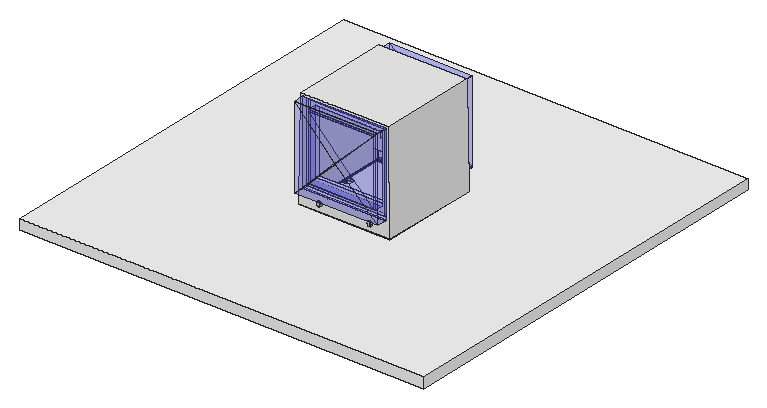
Revit family "BE_50063.1_de_DE", category Leuchten, Revit 2015
Parameters (values of type "BEGA_50063.1_K4")
  built-in parameter 1150104 = 16.992 (stored number, unit not read)
  Wattage = 7.6 W
  Default Elevation = 0 mm
  built-in parameter 1150113 = 1 (stored number, unit not read)
  built-in parameter 1114218 = 1 (stored number, unit not read)
  Umgebungstemperatur = ""
  URL = "http://www.bega.de/produkt/50063.1"
  Typenkommentare = "© 2017 BEGA. Wir behalten uns das Recht vor, technische Änderungen ohne vorherige Ankündigung vorzunehmen."  # constant formula
  built-in parameter 1150134 = 12
  built-in parameter 1150109 = 1 (stored number, unit not read)
  Strom = ""
  built-in parameter 1150110 = 1 (stored number, unit not read)
  Spannung = 239.996 V
  Sonderanfertigung = no
  Seriennummer [instance] = "Hier können Sie die eindeutige Seriennummer für das Facility Management eintragen."
  Schutzklasse = "I"
  Schutzart = ""
  Scheinlast = 0 VA
  Produktdatenblatt = "http://www.bega.de/download/Xrfa/db/50063.1.db.de.pdf"
  Oberflächentemperatur = ""
  Neigungswinkel = 0.00°
  Modell = "50063.1K4"
  Material_17 = BEGA_Reflektor
  Material_15 = BEGA_Leuchtmedium_matt
  Material_11 = BEGA_Glas_opal
  Material_09 = BEGA_Glas_klar
  Material_08 = BEGA_Oberfläche_Stahl_verzinkt
  Material_06 = BEGA_Oberfläche_Edelstahl_gebürstet
  Material_05 = BEGA_Oberfläche_Aluminium Guss
  Material_03 = BEGA_Oberfläche_Weiss_matt
  Material_02 = BEGA_Oberfläche_Silber_matt
  Material_01 [instance] = BEGA_Oberfläche_Grafit_matt
  M_W = no
  M_G = no
  M_A = no
  Logo = 0
  built-in parameter 1114217 = 1 (stored number, unit not read)
  built-in parameter 1150139 = (empty or 0)
  built-in parameter 1150105 = 110.62 (stored number, unit not read)
  built-in parameter 1150114 = 1 (stored number, unit not read)
  Lumens = 1390.04 lm
  built-in parameter 1150115 = 1 (stored number, unit not read)
  Leuchtenlichtstrom = "566 lm"
  Leuchtenanzahl = ""
  Lebensdauerkriterien = "L70B50 @ 25 °C = 500000 h"
  Lastklassifizierung = Beleuchtung
  built-in parameter 1150112 = 1 (stored number, unit not read)
  Lampenlichtstrom = "1390 lm"
  Lampe = "LED 7.6 W"
  LED_Modulbezeichnung = "2x LED-0276/840 "
  Hersteller = "BEGA"  # constant formula
  Halbstreuwinkel = ""
  Gewicht = "1.0 kg"
  Gebrauchslageneinschränkung [instance] = ""
  Frequenz = "0/50-60 Hz"
  Farbwiedergabeindex = "Ra > 80"
  Farbtemperaturverschiebung bei Dämpfen der Lampe = <Keine Auswahl>
  Farbtemperatur = "4000 K"
  Color Filter = 16777215
  built-in parameter 1150133 = 10 (stored number, unit not read)
  Energieeffizienzklasse = "LED A++ - A"
  built-in parameter 1150137 = (empty or 0)
  built-in parameter 1150132 = (empty or 0)
  ENEC = ""
  Dimmbar [instance] = ""
  Datei für fotometrisches Netz = "BE_50063K4.IES"
  CE_Konformität = "ja"
  Bestellnummer = "50063.1K4"
  Beschreibung_Sonderanfertigung = "Hier können Sie Informationen zur Sonderanfertigung eintragen."
  Beschreibung = "Wandleuchte"
  built-in parameter 1150106 = 1.1062 (stored number, unit not read)
  Befestigungsbohrung = "Ø 4,5 mm"
  Befestigungsabstand = "65 mm"
  Ballwurfsicher = ""
  BEGA_Intern_aus = yes
  BEGA_Intern_an = yes
  BEGA_Intern_Konstruktion = yes
  BEGA_Intern = yes
  BEGA_IES = yes
  BEGA_Dummy = no
  Anschlussleitung = ""
  Anschlussleistung [instance] = "9.5 W"
  Anschlusskasten = ""
  built-in parameter 1150107 = 4000 (stored number, unit not read)
  built-in parameter 1150102 = (empty or 0)
  built-in parameter 1150138 = (empty or 0)
  Aktualisierung = "2017-06-21T04:08:37"
  Abstand_zur_angestrahlten_Fläche [instance] = ""
  AC/DC = "AC/DC"
Types (2, lengths in mm): name | built-in parameter 1150104 | built-in parameter 1150134 | Modell | built-in parameter 1150105 | Lumens | Leuchtenlichtstrom | Lampenlichtstrom | LED_Modulbezeichnung | Farbtemperatur | Datei für fotometrisches Netz | Bestellnummer | built-in parameter 1150106 | built-in parameter 1150107
  BEGA_50063.1_K3 | 16.258 (stored number, unit not read) | (empty or 0) | "50063.1" | 105.84 (stored number, unit not read) | 1330 lm | "542 lm" | "1330 lm" | "2x LED-0276/830 " | "3000 K" | "BE_50063.IES" | "50063.1" | 1.0584 (stored number, unit not read) | 3000 (stored number, unit not read)
  BEGA_50063.1_K4 | 16.992 (stored number, unit not read) | 12 | "50063.1K4" | 110.62 (stored number, unit not read) | 1390.04 lm | "566 lm" | "1390 lm" | "2x LED-0276/840 " | "4000 K" | "BE_50063K4.IES" | "50063.1K4" | 1.1062 (stored number, unit not read) | 4000 (stored number, unit not read)
Reference planes
  plane 1 "Mitte (Vorne/Hinten)": y = 0
  plane 2: z = 0
  plane 3 "Mitte (Links/Rechts)": x = 0
  plane 4 "Links": x = -45
  plane 5 "Rechts": x = 45
  plane 6 "Unten": y = -59.933
  plane 7 "Oben": y = 59.933
  plane 8 "Vorne": z = 100
  plane 9 "Hinten": z = 0
Forms (mm)
  Extrusion 1, solid, material "BEGA_Platte_Weiss"
    sketch origin (0, -1119.2, 0) x (1, 0, 0) y (0, 1, 0)
      loop
        line (-200, 1319.2) -> (-200, 919.2) -> (200, 919.2) -> (200, 1319.2) -> (-200, 1319.2)
    from 0 to -10
  Extrusion 2, solid, material "BEGA_Dummy_matt", visible <- "BEGA_Dummy"
    sketch origin (80.095, -76.023, 0) x (1, 0, 0) y (0, 1, 0)
      loop
        line (-125.095, 135.956) -> (-125.095, 16.091) -> (-35.095, 16.091) -> (-35.095, 135.956) -> (-125.095, 135.956)
    from 0 to 100
Dimensions and locks
  plane 1 "Mitte (Vorne/Hinten)" to Extrusion 1 = 200 mm
  aligned and locked: plane 2 to Extrusion 1
  aligned and locked: level to Extrusion 1
Nested families
  nested 1: "BE_50063.1" at (0, 0, 0), type "BE_50063.1"
Connectors
  electrical at (0, 0, 0), driven by "Lastklassifizierung", driven by "Spannung", driven by "Scheinlast"
    settings: index 1, voltage 239.996 V, apparent load 0 VA, apparent load phase1 0 VA, apparent load phase2 0 VA, apparent load phase3 0 VA, power factor 1, load classification "Beleuchtung", number of poles 1, system type 31, power factor state 1, is connector primary yes, connector utility no, sub classification motor no, connector description ""
Definition of nested family "BE_50063.1"
  Parameters (values of type "BE_50063.1")
    Default Elevation = 1 mm
    URL = "http://www.bega.de/de/produkt"
    Type Comments = "© 2015 BEGA. Wir behalten uns das Recht vor, technische Änderungen ohne vorherige Ankündigung vorzunehmen. "  # constant formula
    Type Image = (empty or 0)
    Neigungswinkel_um_Z2 = 0.00°
    Neigungswinkel_um_Z1 = 0.00°
    Neigungswinkel_um_Y2 = 0.00°
    Neigungswinkel_um_Y1 = 0.00°
    Neigungswinkel_um_X2 = 0.00°
    Neigungswinkel_um_X1 = 0.00°
    Material_17 = none
    Material_15 = none
    Material_11 = none
    Material_09 = none
    Material_08 = none
    Material_06 = none
    Material_05 = none
    Material_03 = none
    Material_02 = none
    Material_01 = none
    M_W = yes
    M_G = yes
    M_A = yes
    Länge_Platte = 200 mm  # constant formula
    Höhe_Platte = -10 mm  # constant formula
    Manufacturer = "BEGA"  # constant formula
    Drehwinkel_um_Z2 = 0.00°
    Drehwinkel_um_Z1 = 0.00°
    Breite_Platte = 200 mm  # constant formula
  Reference planes
    plane 1 "Mitte (Oben/Unten)": y = 0
    plane 2: z = 0
    plane 3 "Mitte (Links/Rechts)": x = 0
    plane 4: x = -45
    plane 5: z = 100
    plane 6: x = 45
    plane 7: y = 59.933
    plane 8: y = -59.933
  Forms (mm)
    Extrusion 1, solid, detail levels medium
      sketch origin (0, 0, 0) x (1, 0, 0) y (0, 1, 0)
        loop
          line (-100, 100) -> (-100, -100) -> (100, -100) -> (100, 100) -> (-100, 100)
      from 0 to -10 <- "Höhe_Platte"
    Extrusion 2, solid, material <- "Material_03", detail levels medium+fine
      sketch origin (0, 0, 0) x (0, 1, 0) y (0, 0, 1)
        loop
          line (48.25, 1) -> (48.25, 100) -> (-48.25, 100) -> (-48.25, 1) -> (-45.046, 1) -> (-45.046, 14) -> (-38.126, 14) -> (-38.126, 93) -> (38.126, 93) -> (38.126, 14) -> (45.046, 14) -> (45.046, 1) -> (48.25, 1)
      from -46.262 to 45.91
    Extrusion 3, solid, material <- "Material_03", detail levels medium+fine
      sketch origin (0, 0, 0) x (1, 0, 0) y (0, 0, 1)
        loop
          line (-46.262, 100) -> (-46.262, 1) -> (-41.809, 1) -> (-41.809, 100) -> (-46.262, 100)
        loop
          line (46.262, 100) -> (41.809, 100) -> (41.809, 1) -> (46.262, 1) -> (46.262, 100)
      from -48.25 to 48.25
    Extrusion 4, void
      sketch origin (0, 0, 0) x (1, 0, 0) y (0, 0, 1)
        loop
          line (-43.257, 100.874) -> (-46.262, 100.874) -> (-46.262, 0.652) -> (-45.006, 0.652) -> (-43.257, 100.874)
        loop
          line (43.257, 100.874) -> (45.006, 0.652) -> (46.262, 0.652) -> (46.262, 100.874) -> (43.257, 100.874)
      from -54.367 to 54.729
    Extrusion 5, void
      sketch origin (0, 0, 0) x (0, 1, 0) y (0, 0, 1)
        loop
          line (43.483, 89.749) -> (-43.906, 89.749) -> (-43.906, 25.491) -> (43.483, 25.491) -> (43.483, 89.749)
      from -33.322 to 33.208
    Extrusion 6, void
      sketch origin (0, 0, 0) x (0, 1, 0) y (0, 0, 1)
        loop
          line (48.25, 98.063) -> (42.45, 98.063) -> (42.45, 15.433) -> (48.25, 15.433) -> (48.25, 98.063)
        loop
          line (-48.25, 98.063) -> (-48.25, 15.433) -> (-42.45, 15.433) -> (-42.45, 98.063) -> (-48.25, 98.063)
      from -41.25 to 41.313
    Sweep 7, solid, material <- "Material_11", detail levels medium+fine
      path origin (0, 0, 0) x (1, 0, 0) y (0, 0, 1)
        loop
          line (41.25, 97.933) -> (-41.25, 97.933) -> (-41.25, 15.433) -> (41.25, 15.433) -> (41.25, 97.933)
      profile origin (0, 0, 97.933) x (0, 0, -1) y (0, -1, 0)
        loop
          line (-0.067, -46.95) -> (0.352, -58.947)
          arc (0.352, -58.947) -> (20.761, -59.689) -> (41.183, -59.933) r 836.627
          line (41.183, -59.933) -> (41.183, -53.463)
          arc (41.183, -53.463) -> (25.118, -52.991) -> (9.076, -52.023) r 520.56
          arc (9.076, -52.023) -> (8.43, -51.718) -> (8.152, -51.06) r 1
          line (8.152, -51.06) -> (7.851, -42.45) -> (2.738, -42.45) -> (2.581, -46.95) -> (-0.067, -46.95)
    Sweep 8, solid, material <- "Material_11", detail levels medium+fine
      path origin (0, 0, 0) x (1, 0, 0) y (0, 0, -1)
        loop
          line (41.25, -97.933) -> (41.25, -15.433) -> (-41.25, -15.433) -> (-41.25, -97.933) -> (41.25, -97.933)
      profile origin (0, 0, 97.933) x (0, 0, 1) y (0, 1, 0)
        loop
          line (0.067, -46.95) -> (-2.581, -46.95) -> (-2.738, -42.45) -> (-7.851, -42.45) -> (-8.152, -51.06)
          arc (-8.152, -51.06) -> (-8.43, -51.718) -> (-9.076, -52.023) r 1
          arc (-9.076, -52.023) -> (-25.118, -52.991) -> (-41.183, -53.463) r 520.56
          line (-41.183, -53.463) -> (-41.183, -59.933)
          arc (-41.183, -59.933) -> (-20.761, -59.689) -> (-0.352, -58.947) r 836.627
          line (-0.352, -58.947) -> (0.067, -46.95)
    Sweep 9, solid, material <- "Material_03", detail levels medium+fine
      path origin (0, 0, 0) x (1, 0, 0) y (0, 1, 0)
        loop
          line (45, 48.25) -> (-45, 48.25) -> (-45, -48.25) -> (45, -48.25) -> (45, 48.25)
      profile origin (0, 48.25, 0) x (0, -1, 0) y (0, 0, 1)
        loop
          line (0.75, 0) -> (5, 0)
          arc (5, 0) -> (6.061, 0.439) -> (6.5, 1.5) r 1.5
          line (6.5, 1.5) -> (6.5, 2.5)
          arc (6.5, 2.5) -> (6.646, 2.854) -> (7, 3) r 0.5
          line (7, 3) -> (35.781, 3) -> (35.781, 4) -> (7, 4)
          arc (7, 4) -> (5.939, 3.561) -> (5.5, 2.5) r 1.5
          line (5.5, 2.5) -> (5.5, 1.5)
          arc (5.5, 1.5) -> (5.354, 1.146) -> (5, 1) r 0.5
          line (5, 1) -> (0.75, 1) -> (0.75, 0)
    Extrusion 10, void
      sketch origin (0, 0, 0) x (1, 0, 0) y (0, 1, 0)
        loop
          circle (15, 24.6) r 8.5
        loop
          circle (-34, -1.9) r 4.25
        loop
          circle (34, -1.9) r 4.25
      from 0 to 6.683
    Extrusion 11, solid, material <- "Material_03", detail levels medium+fine
      sketch origin (0, 0, 0) x (1, 0, 0) y (0, 1, 0)
        loop
          line (-9.219, -12.469) -> (9.219, -12.469) -> (9.219, 12.469) -> (-9.219, 12.469) -> (-9.219, -12.469)
      from 3 to 4
    Revolve 12, void
      sketch origin (0, -9.199, 8) x (1, 0, 0) y (0, 1, 0)
        loop
          line (-25, -37.114) -> (-25, -39.501) -> (-22.298, -39.501) -> (-23.112, -38.09) -> (-23.112, -37.114) -> (-25, -37.114)
        axis (-25, -37.114) -> (-25, -39.501)
      angle from 0 to 360
    Revolve 13, solid, material <- "Material_06", detail levels fine
      sketch origin (-25, 0, 0) x (0, 1, 0) y (0, 0, 1)
        loop
          line (-49.15, 10) -> (-49.15, 8) -> (-45.433, 8) -> (-45.433, 10.5) -> (-46.575, 10.5) -> (-47.289, 10) -> (-49.15, 10)
        axis (-49.15, 8) -> (-45.433, 8)
      angle from 0 to 360
    Revolve 14, void
      sketch origin (0, -9.199, 8) x (-1, 0, 0) y (0, -1, 0)
        loop
          line (-25, 37.114) -> (-23.112, 37.114) -> (-23.112, 38.09) -> (-22.298, 39.501) -> (-25, 39.501) -> (-25, 37.114)
        axis (-25, 37.114) -> (-25, 39.501)
      angle from 0 to 360
    Revolve 15, solid, material <- "Material_06", detail levels fine
      sketch origin (25, 0, 0) x (0, 1, 0) y (0, 0, -1)
        loop
          line (-49.15, -10) -> (-47.289, -10) -> (-46.575, -10.5) -> (-45.433, -10.5) -> (-45.433, -8) -> (-49.15, -8) -> (-49.15, -10)
        axis (-49.15, -8) -> (-45.433, -8)
      angle from 0 to 360
  Cuts and joins
    Extrusion 4, Extrusion 5, Extrusion 6, Extrusion 10, Revolve 12, Revolve 14 cuts Extrusion 2
    Extrusion 4, Extrusion 5, Extrusion 6, Extrusion 10, Revolve 12, Revolve 14 cuts Extrusion 3
    joined: Extrusion 2, Extrusion 3
    Extrusion 10 cuts Sweep 9
    joined: Sweep 9, Extrusion 11
    Revolve 14 cuts Revolve 13
  Dimensions and locks
    equal spacing: Extrusion 1 sketch curve, plane 3 "Mitte (Links/Rechts)", Extrusion 1 sketch curve
    equal spacing: Extrusion 1 sketch curve, plane 1 "Mitte (Oben/Unten)", Extrusion 1 sketch curve
    "Länge_Platte": Extrusion 1 sketch curve to Extrusion 1 sketch curve
    "Breite_Platte": Extrusion 1 sketch curve to Extrusion 1 sketch curve
    aligned and locked: Extrusion 1 to plane 2
    aligned and locked: level to Extrusion 1
  Automatic sketch dimensions
    level to Extrusion 3 sketch curve = 1 mm  (x2)
    Extrusion 3 sketch curve to plane 3 "Mitte (Links/Rechts)" = 46.262 mm
    Extrusion 3 sketch curve to Extrusion 3 sketch curve = 4.453 mm  (x2)
    plane 3 "Mitte (Links/Rechts)" to Extrusion 3 sketch curve = 41.809 mm
    Extrusion 3 sketch curve to Extrusion 3 sketch curve = 99 mm
    Extrusion 3 sketch curve to Extrusion 3 sketch curve = 0 mm
    level to Extrusion 4 sketch curve = 0.652 mm  (x2)
    Extrusion 4 sketch curve to plane 3 "Mitte (Links/Rechts)" = 46.262 mm
    Extrusion 4 sketch curve to Extrusion 4 sketch curve = 1.256 mm  (x2)
    Extrusion 4 sketch curve to Extrusion 4 sketch curve = 3.006 mm
    plane 3 "Mitte (Links/Rechts)" to Extrusion 4 sketch curve = 43.257 mm
    plane 3 "Mitte (Links/Rechts)" to Extrusion 4 sketch curve = 45.006 mm
    Extrusion 4 sketch curve to Extrusion 4 sketch curve = 0 mm
    plane 1 "Mitte (Oben/Unten)" to Extrusion 5 sketch curve = 43.906 mm
    Extrusion 5 sketch curve to plane 1 "Mitte (Oben/Unten)" = 43.483 mm
    level to Extrusion 5 sketch curve = 25.491 mm
    Extrusion 5 sketch curve to Extrusion 5 sketch curve = 64.259 mm
    level to Extrusion 6 sketch curve = 15.433 mm  (x2)
    plane 1 "Mitte (Oben/Unten)" to Extrusion 6 sketch curve = 48.25 mm
    Extrusion 6 sketch curve to Extrusion 6 sketch curve = 5.8 mm  (x2)
    Extrusion 6 sketch curve to plane 1 "Mitte (Oben/Unten)" = 42.45 mm
    Extrusion 6 sketch curve to Extrusion 6 sketch curve = 82.63 mm  (x2)
    Sweep 7 sketch curve to plane 3 "Mitte (Links/Rechts)" = 41.25 mm
    level to Sweep 7 sketch curve = 15.433 mm
    plane 3 "Mitte (Links/Rechts)" to Sweep 7 sketch curve = 41.25 mm
    Sweep 7 sketch curve to Sweep 7 sketch curve = 82.5 mm
    profile plane to Sweep 7 sketch curve = 0.067 mm
    Sweep 7 sketch curve to profile plane = 0.352 mm
    Sweep 7 sketch curve to profile plane = 2.581 mm
    Sweep 7 sketch curve to profile plane = 2.738 mm
    Sweep 7 sketch curve to Sweep 7 sketch curve = 5.113 mm
    Sweep 7 sketch curve to Sweep 7 sketch curve = 5.571 mm
    Sweep 7 sketch curve to Sweep 7 sketch curve = 0.999 mm
    Sweep 7 sketch curve to profile plane = 40.953 mm
    Sweep 7 sketch curve to Sweep 7 sketch curve = 32.032 mm
    Sweep 7 sketch curve to profile plane = 48.45 mm
    Sweep 7 sketch curve to plane 1 "Mitte (Oben/Unten)" = 59.933 mm
    Sweep 7 sketch curve to Sweep 7 sketch curve = 0.986 mm
    Sweep 7 sketch curve to Sweep 7 sketch curve = 6.469 mm
    Sweep 7 sketch curve to Sweep 7 sketch curve = 7.886 mm
    Sweep 7 sketch curve to Sweep 7 sketch curve = 0.035 mm
    Sweep 7 sketch curve to Sweep 7 sketch curve = 4.11 mm
    Sweep 7 sketch curve to Sweep 7 sketch curve = 4.5 mm
    Sweep 7 sketch curve to Sweep 7 sketch curve = 309.648 mm
    Sweep 8 sketch curve to plane 3 "Mitte (Links/Rechts)" = 41.25 mm
    level to Sweep 8 sketch curve = 15.433 mm
    plane 3 "Mitte (Links/Rechts)" to Sweep 8 sketch curve = 41.25 mm
    Sweep 8 sketch curve to Sweep 8 sketch curve = 82.5 mm
    profile plane to Sweep 8 sketch curve = 48.45 mm
    profile plane to Sweep 8 sketch curve = 41.183 mm
    profile plane to Sweep 8 sketch curve = 40.953 mm
    profile plane to Sweep 8 sketch curve = 9.151 mm
    Sweep 8 sketch curve to Sweep 8 sketch curve = 0.999 mm
    profile plane to Sweep 8 sketch curve = 7.851 mm
    profile plane to Sweep 8 sketch curve = 2.738 mm
    profile plane to Sweep 8 sketch curve = 2.581 mm
    profile plane to Sweep 8 sketch curve = 0.352 mm
    Sweep 8 sketch curve to profile plane = 0.067 mm
    Sweep 8 sketch curve to profile plane = 59.933 mm
    Sweep 8 sketch curve to Sweep 8 sketch curve = 0.986 mm
    Sweep 8 sketch curve to Sweep 8 sketch curve = 6.469 mm
    Sweep 8 sketch curve to Sweep 8 sketch curve = 7.886 mm
    Sweep 8 sketch curve to Sweep 8 sketch curve = 0.035 mm
    Sweep 8 sketch curve to Sweep 8 sketch curve = 4.11 mm
    Sweep 8 sketch curve to Sweep 8 sketch curve = 4.5 mm
    Sweep 8 sketch curve to Sweep 8 sketch curve = 309.648 mm
    Sweep 9 sketch curve to plane 3 "Mitte (Links/Rechts)" = 45 mm
    plane 3 "Mitte (Links/Rechts)" to Sweep 9 sketch curve = 45 mm
    plane 1 "Mitte (Oben/Unten)" to Sweep 9 sketch curve = 48.25 mm
    Sweep 9 sketch curve to plane 1 "Mitte (Oben/Unten)" = 48.25 mm
    Sweep 9 sketch curve to Sweep 9 sketch curve = 0 mm  (x4)
    Sweep 9 sketch curve to level = 0 mm
    Sweep 9 sketch curve to profile plane = 0.75 mm
    level to Sweep 9 sketch curve = 1 mm
    Sweep 9 sketch curve to Sweep 9 sketch curve = 4.25 mm
    Sweep 9 sketch curve to Sweep 9 sketch curve = 0.5 mm  (x2)
    level to Sweep 9 sketch curve = 3 mm
    Sweep 9 sketch curve to Sweep 9 sketch curve = 28.781 mm
    plane 1 "Mitte (Oben/Unten)" to Extrusion 10 sketch curve = 1.9 mm  (x2)
    Extrusion 10 sketch curve to plane 3 "Mitte (Links/Rechts)" = 34 mm
    plane 3 "Mitte (Links/Rechts)" to Extrusion 10 sketch curve = 15 mm
    Extrusion 10 sketch curve to Extrusion 10 sketch curve = 19 mm
    Extrusion 10 sketch curve to plane 1 "Mitte (Oben/Unten)" = 24.6 mm
    Extrusion 11 sketch curve to plane 3 "Mitte (Links/Rechts)" = 9.219 mm
    plane 3 "Mitte (Links/Rechts)" to Extrusion 11 sketch curve = 9.219 mm
    plane 1 "Mitte (Oben/Unten)" to Extrusion 11 sketch curve = 12.469 mm
    Extrusion 11 sketch curve to plane 1 "Mitte (Oben/Unten)" = 12.469 mm
    Revolve 12 sketch curve to plane 3 "Mitte (Links/Rechts)" = 25 mm
    Revolve 12 sketch curve to Revolve 12 sketch curve = 1.888 mm
    Revolve 12 sketch curve to Revolve 12 sketch curve = 0.814 mm
    plane 1 "Mitte (Oben/Unten)" to Revolve 12 sketch curve = 48.7 mm
    Revolve 12 sketch curve to Revolve 12 sketch curve = 1.411 mm
    Revolve 12 sketch curve to Revolve 12 sketch curve = 0.976 mm
    Revolve 12 sketch curve to Revolve 12 sketch curve = 0 mm
    Revolve 12 sketch curve to Revolve 12 sketch curve = 1.782 mm
    Revolve 12 sketch curve to Revolve 12 sketch curve = 1.743 mm
    level to Revolve 13 sketch curve = 10 mm
    plane 1 "Mitte (Oben/Unten)" to Revolve 13 sketch curve = 49.15 mm
    Revolve 13 sketch curve to Revolve 13 sketch curve = 1.861 mm
    level to Revolve 13 sketch curve = 10.5 mm
    Revolve 13 sketch curve to Revolve 13 sketch curve = 0.714 mm
    Revolve 13 sketch curve to Revolve 13 sketch curve = 1.142 mm
    Revolve 13 sketch curve to Revolve 13 sketch curve = 2 mm  (x2)
    Revolve 13 sketch curve to Revolve 13 sketch curve = 0.817 mm
    Revolve 13 sketch curve to Revolve 13 sketch curve = 0 mm
    plane 3 "Mitte (Links/Rechts)" to Revolve 14 sketch curve = 25 mm
    Revolve 14 sketch curve to Revolve 14 sketch curve = 1.888 mm
    Revolve 14 sketch curve to Revolve 14 sketch curve = 0.814 mm
    plane 1 "Mitte (Oben/Unten)" to Revolve 14 sketch curve = 46.314 mm
    Revolve 14 sketch curve to Revolve 14 sketch curve = 0.976 mm
    Revolve 14 sketch curve to Revolve 14 sketch curve = 1.411 mm
    Revolve 14 sketch curve to Revolve 14 sketch curve = 0 mm
    Revolve 14 sketch curve to Revolve 14 sketch curve = 1.743 mm
    Revolve 14 sketch curve to Revolve 14 sketch curve = 1.782 mm
    level to Revolve 15 sketch curve = 10 mm
    plane 1 "Mitte (Oben/Unten)" to Revolve 15 sketch curve = 49.15 mm
    Revolve 15 sketch curve to Revolve 15 sketch curve = 1.861 mm
    level to Revolve 15 sketch curve = 10.5 mm
    Revolve 15 sketch curve to Revolve 15 sketch curve = 0.714 mm
    Revolve 15 sketch curve to Revolve 15 sketch curve = 1.142 mm
    Revolve 15 sketch curve to Revolve 15 sketch curve = 2.5 mm
    Revolve 15 sketch curve to Revolve 15 sketch curve = 2 mm
    Revolve 15 sketch curve to Revolve 15 sketch curve = 0.817 mm
    Revolve 15 sketch curve to Revolve 15 sketch curve = 0 mm
    Extrusion 4 sketch curve to plane 5 = 0.874 mm
    plane 5 to Extrusion 2 sketch curve = 0 mm
    Extrusion 2 sketch curve to plane 8 = 11.683 mm
    Extrusion 2 sketch curve to Extrusion 2 sketch curve = 3.204 mm
    Extrusion 2 sketch curve to Extrusion 2 sketch curve = 10.124 mm
    Extrusion 2 sketch curve to plane 7 = 21.806 mm
    level to Extrusion 2 sketch curve = 1 mm  (x2)
    Extrusion 2 sketch curve to Extrusion 2 sketch curve = 6.92 mm
    Extrusion 2 sketch curve to plane 7 = 11.683 mm
    Extrusion 2 sketch curve to Extrusion 2 sketch curve = 13 mm
    level to Extrusion 2 sketch curve = 14 mm
    plane 5 to Extrusion 2 sketch curve = 7 mm
    radius of Extrusion 10 sketch curve = 8.5 mm
    radius of Extrusion 10 sketch curve = 4.25 mm  (x2)
